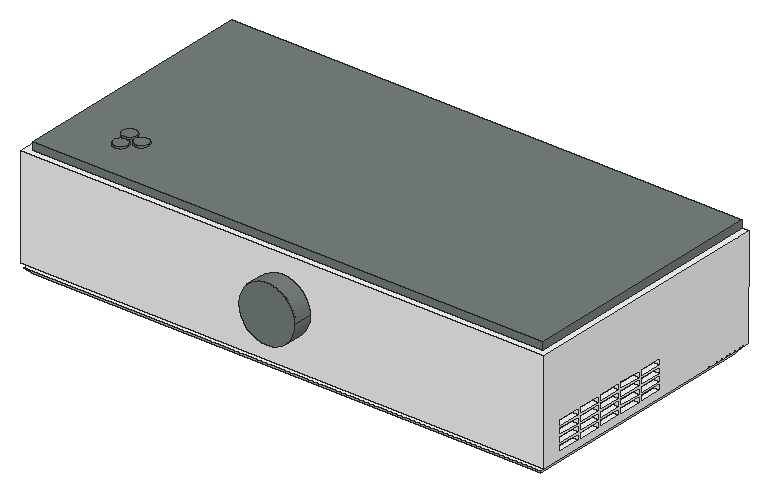
Revit family "AM 150 HDIB", category Mechanical Equipment, Revit 2019
Family settings
  Round Connector Dimension = Use Diameter
  Part Type = Normal
  OmniClass Number = 23.75.00.00
  OmniClass Title = Climate Control (HVAC)
  Work Plane-Based = No
  Always vertical = Yes
  Cut with Voids When Loaded = No
  Shared = No
  Room Calculation Point = No
Parameters
  Weight (Standard Unit) = 47  # constant formula
  Water Heater Surface Return = 15 mm  # constant formula
  Water Heater Surface IN = 15 mm  # constant formula
  URL = "www.airmaster-as.com"
  Total Width = 1170 mm  # constant formula
  Total Hight = 262 mm  # constant formula
  T-C Duct Supply = 158 mm  # constant formula
  T-C Duct Exhaust = 158 mm  # constant formula
  Supply Air in = 125 mm  # constant formula
  Suply Air In = 125 mm  # constant formula
  Return Air = 125 mm  # constant formula
  R-C Duct Supply = 105 mm  # constant formula
  Phase 1 - Max Power Consumption = "1175 W"
  Phase 1 - Max Current = "7,97 A"
  Nominal current, electrical preheating surface = "4,35 A"
  Nominal current, electrical comfort heating surface = "2,17 A"
  Nominal current, air handling unit = "0,3 A"
  Network Conection = "AWG 24 CAT 5e STP"
  Model = "AM 150 HDIB"
  Max. flow rate 35 dB(A) with ePM10 80% filters = 115.00 m³  # constant formula
  Max. flow rate 35 dB(A) with ePM10 55% filters = 126.00 m³  # constant formula
  Max. flow rate 35 dB(A) with ePM10 50% filters = 147.00 m³  # constant formula
  Max. flow rate 30 dB(A) with ePM10 80% filters = 85.00 m³  # constant formula
  Max. flow rate 30 dB(A) with ePM10 55% filters = 90.00 m³  # constant formula
  Max. flow rate 30 dB(A) with ePM10 50% filters = 115.00 m³  # constant formula
  Manufacturer = "Airmaster A/S"
  Maintenance [instance] = no
  L-C Duct Exhaust = 105 mm  # constant formula
  Exhaust Air = 125 mm  # constant formula
  Total Depth = 571 mm  # constant formula
  Electrical connection = "1 ~ 230 V / N / PE / 50 Hz"
  Drawn By = "LSB"
  Condensate = 6 mm  # constant formula
  BMS Panel = "(PTS) 2x2x0,6"
  BMS Out = "(PTS) 2x2x0,6"
  BMS IN = "(PTS) 2x2x0,6"
Reference planes
  plane 1 "Center (Front/Back)": y = 0
  plane 2: z = 0
  plane 3 "Center (Left/Right)": x = 0
  plane 4 "Center L/S": y = -571
  plane 5 "Center L/T": x = -585
  plane 6 "Center L/U": x = 585
  plane 7 "TOP": z = 262
  plane 8 "Center L/V": x = -570
  plane 9 "Center L/W": y = -556
  plane 10 "Center L/X": x = 570
  plane 11 "Panel Buttom": z = 20.747
  plane 12 "Panel Top": z = 246.501
  plane 13 "Hatch": z = 14.5
Forms (mm)
  Extrusion 1, solid, material "AM Grey"
    sketch origin (0, 0, 0) x (1, 0, 0) y (0, 1, 0)
      loop
        line (-570, 0) -> (-570, -556) -> (570, -556) -> (570, 0) -> (-570, 0)
    from 14.5 to 262
  Extrusion 2, solid, material "AM White"
    sketch origin (794.5, -1524, 20.747) x (0, -1, 0) y (-1, 0, 0)
      loop
        line (-1524, 1379.5) -> (-1524, 1364.5) -> (-968, 1364.5) -> (-968, 224.5) -> (-1524, 224.5) -> (-1524, 209.5) -> (-953, 209.5) -> (-953, 1379.5) -> (-1524, 1379.5)
    from 0 to -225.754
  Blend 3, solid, material "AM White"
    base sketch origin (-790.646, -1524, 14.5) x (0, -1, 0) y (1, 0, 0)
      loop
        line (-953, 212.613) -> (-953, 1368.657) -> (-1524, 1368.657) -> (-1524, 212.613) -> (-953, 212.613)
    top sketch origin (-790.646, -1524, 14.5) x (0, -1, 0) y (1, 0, 0)
      loop
        line (-968, 223.963) -> (-968, 1357.646) -> (-1509.161, 1357.646) -> (-1509.161, 223.963) -> (-968, 223.963)
    from 0 to -14.5
  Extrusion 4, solid, material "AM Grey"
    sketch origin (-570, 0, 0) x (1, 0, 0) y (0, 0, -1)
      loop
        circle (1050, -104) r 62.5
    from 0 to 18.45
  Extrusion 5, solid, material "AM Grey"
    sketch origin (-785, 0, 0) x (1, 0, 0) y (0, 0, -1)
      loop
        circle (305, -104) r 62.5
    from 0 to 18.45
  Extrusion 6, solid, material "Maintenece", visible <- "Maintenance"
    sketch origin (-790.646, -1524, 0) x (1, 0, 0) y (0, -1, 0)
      loop
        line (205.646, -1524) -> (1375.646, -1524) -> (1375.646, -953) -> (205.646, -953) -> (205.646, -1524)
    from 0 to 1200
  Extrusion 7, solid, material "AM Grey"
    sketch origin (-876.982, -12.495, 262) x (1, 0, 0) y (0, 1, 0)
      loop
        circle (423.027, -417.273) r 15.55
    from 0 to 3
  Extrusion 8, solid, material "AM Grey"
    sketch origin (-866.134, 5.874, 262) x (1, 0, 0) y (0, 1, 0)
      loop
        circle (447.132, -446.023) r 15.55
    from 0 to 3
  Extrusion 9, solid, material "AM Grey"
    sketch origin (-855.713, -13.073, 262) x (1, 0, 0) y (0, 1, 0)
      loop
        circle (410.201, -452.535) r 15.55
    from 0 to 3
  Extrusion 10, solid, material "AM Grey"
    sketch origin (585, -571, 20.747) x (-1, 0, 0) y (0, 0, -1)
      loop
        circle (585, -122.253) r 62.5
    from 0 to 42
  Extrusion 11, void
    sketch origin (585, 0, 20.747) x (0, 1, 0) y (0, 0, -1)
      loop
        line (-528.7, -79.253) -> (-474.7, -79.253) -> (-474.7, -65.253) -> (-528.7, -65.253) -> (-528.7, -79.253)
      loop
        line (-528.7, -62.253) -> (-474.7, -62.253) -> (-474.7, -48.253) -> (-528.7, -48.253) -> (-528.7, -62.253)
      loop
        line (-528.7, -45.253) -> (-474.7, -45.253) -> (-474.7, -31.253) -> (-528.7, -31.253) -> (-528.7, -45.253)
      loop
        line (-528.7, -28.253) -> (-474.7, -28.253) -> (-474.7, -14.253) -> (-528.7, -14.253) -> (-528.7, -28.253)
      loop
        line (-471.7, -79.253) -> (-417.7, -79.253) -> (-417.7, -65.253) -> (-471.7, -65.253) -> (-471.7, -79.253)
      loop
        line (-471.7, -62.253) -> (-417.7, -62.253) -> (-417.7, -48.253) -> (-471.7, -48.253) -> (-471.7, -62.253)
      loop
        line (-471.7, -45.253) -> (-417.7, -45.253) -> (-417.7, -31.253) -> (-471.7, -31.253) -> (-471.7, -45.253)
      loop
        line (-471.7, -28.253) -> (-417.7, -28.253) -> (-417.7, -14.253) -> (-471.7, -14.253) -> (-471.7, -28.253)
      loop
        line (-414.7, -79.253) -> (-360.7, -79.253) -> (-360.7, -65.253) -> (-414.7, -65.253) -> (-414.7, -79.253)
      loop
        line (-414.7, -62.253) -> (-360.7, -62.253) -> (-360.7, -48.253) -> (-414.7, -48.253) -> (-414.7, -62.253)
      loop
        line (-414.7, -45.253) -> (-360.7, -45.253) -> (-360.7, -31.253) -> (-414.7, -31.253) -> (-414.7, -45.253)
      loop
        line (-414.7, -28.253) -> (-360.7, -28.253) -> (-360.7, -14.253) -> (-414.7, -14.253) -> (-414.7, -28.253)
      loop
        line (-357.7, -79.253) -> (-303.7, -79.253) -> (-303.7, -65.253) -> (-357.7, -65.253) -> (-357.7, -79.253)
      loop
        line (-357.7, -62.253) -> (-303.7, -62.253) -> (-303.7, -48.253) -> (-357.7, -48.253) -> (-357.7, -62.253)
      loop
        line (-357.7, -45.253) -> (-303.7, -45.253) -> (-303.7, -31.253) -> (-357.7, -31.253) -> (-357.7, -45.253)
      loop
        line (-357.7, -28.253) -> (-303.7, -28.253) -> (-303.7, -14.253) -> (-357.7, -14.253) -> (-357.7, -28.253)
      loop
        line (-300.7, -79.253) -> (-246.7, -79.253) -> (-246.7, -65.253) -> (-300.7, -65.253) -> (-300.7, -79.253)
      loop
        line (-300.7, -62.253) -> (-246.7, -62.253) -> (-246.7, -48.253) -> (-300.7, -48.253) -> (-300.7, -62.253)
      loop
        line (-300.7, -45.253) -> (-246.7, -45.253) -> (-246.7, -31.253) -> (-300.7, -31.253) -> (-300.7, -45.253)
      loop
        line (-300.7, -28.253) -> (-246.7, -28.253) -> (-246.7, -14.253) -> (-300.7, -14.253) -> (-300.7, -28.253)
    from 0 to 15
Cuts and joins
  Extrusion 11 cuts Extrusion 2
  Extrusion 11 cuts Extrusion 1
Dimensions and locks
  "Total Depth": plane 4 "Center L/S" to plane 1 "Center (Front/Back)"
  equal spacing: plane 5 "Center L/T", plane 3 "Center (Left/Right)", plane 6 "Center L/U"
  "Total Width": plane 5 "Center L/T" to plane 6 "Center L/U"
  "Total Hight": plane 7 "TOP" to level
  locked: plane 10 "Center L/X" to plane 6 "Center L/U" at 15
  locked: plane 4 "Center L/S" to plane 9 "Center L/W" at 15
  locked: plane 5 "Center L/T" to plane 8 "Center L/V" at 15
  Extrusion 1 to Blend 3 sketch curve = 14.839 mm
  "R-C Duct Supply": plane 6 "Center L/U" to Extrusion 4 sketch curve
  "T-C Duct Exhaust": Extrusion 5 sketch curve to plane 7 "TOP"
  "L-C Duct Exhaust": Extrusion 5 sketch curve to plane 5 "Center L/T"
  "T-C Duct Supply": plane 7 "TOP" to Extrusion 4 sketch curve
  Extrusion 10 sketch curve to plane 5 "Center L/T" = 585 mm
  plane 7 "TOP" to Extrusion 10 sketch curve = 119 mm
  "Suply Air In": diameter of Extrusion 4 sketch curve
  "Exhaust Air": diameter of Extrusion 5 sketch curve
  diameter of Extrusion 10 sketch curve = 125 mm
  aligned and locked: level to plane 2
  aligned and locked: plane 1 "Center (Front/Back)" to Extrusion 1 sketch curve
  aligned and locked: plane 8 "Center L/V" to Extrusion 1 sketch curve
  aligned and locked: Extrusion 1 sketch curve to plane 9 "Center L/W"
  aligned and locked: Extrusion 1 sketch curve to plane 10 "Center L/X"
  aligned and locked: plane 7 "TOP" to Extrusion 1
  aligned and locked: plane 5 "Center L/T" to Extrusion 2 sketch curve
  aligned and locked: plane 4 "Center L/S" to Extrusion 2 sketch curve
  aligned and locked: plane 6 "Center L/U" to Extrusion 2 sketch curve
  aligned and locked: Extrusion 2 sketch curve to Extrusion 1  (x3)
  aligned and locked: plane 1 "Center (Front/Back)" to Extrusion 2 sketch curve
  aligned and locked: Extrusion 2 to plane 12 "Panel Top"
  aligned and locked: Blend 3 to plane 2
  aligned and locked: plane 13 "Hatch" to Extrusion 1
Automatic sketch dimensions
  plane 1 "Center (Front/Back)" to Extrusion 2 sketch curve = 0 mm
  plane 1 "Center (Front/Back)" to Blend 3 sketch curve = 0 mm
  plane 4 "Center L/S" to Blend 3 sketch curve = 0 mm
  plane 5 "Center L/T" to Blend 3 sketch curve = 6.967 mm
  Blend 3 sketch curve to plane 6 "Center L/U" = 6.989 mm
  plane 9 "Center L/W" to Blend 3 sketch curve = 0 mm
  plane 8 "Center L/V" to Blend 3 sketch curve = 3.316 mm
  Blend 3 sketch curve to plane 10 "Center L/X" = 3 mm
  Extrusion 6 sketch curve to Blend 3 = 18.316 mm
  Extrusion 6 sketch curve to Blend 3 = 18 mm
  Extrusion 6 sketch curve to Blend 3 = 15 mm
  Extrusion 6 sketch curve to Blend 3 = 14.839 mm
  Extrusion 7 sketch curve to Extrusion 1 = 1023.955 mm
  Extrusion 7 sketch curve to Extrusion 1 = 126.232 mm
  Extrusion 8 sketch curve to Extrusion 1 = 989.002 mm
  Extrusion 8 sketch curve to Extrusion 1 = 115.851 mm
  Extrusion 9 sketch curve to Extrusion 1 = 1015.512 mm
  Extrusion 9 sketch curve to Extrusion 1 = 90.392 mm
  Extrusion 11 sketch curve to Extrusion 2 = 146.501 mm
  Extrusion 11 sketch curve to Extrusion 2 = 528.7 mm
  Extrusion 11 sketch curve to Extrusion 11 sketch curve = 0 mm  (x38)
  Extrusion 11 sketch curve to Extrusion 11 sketch curve = 54 mm  (x5)
  Extrusion 11 sketch curve to Extrusion 11 sketch curve = 3 mm  (x23)
  Extrusion 11 sketch curve to Extrusion 11 sketch curve = 14 mm  (x12)
  radius of Extrusion 7 sketch curve = 15.55 mm
  radius of Extrusion 8 sketch curve = 15.55 mm
  radius of Extrusion 9 sketch curve = 15.55 mm
Nested families
  nested 1: "Model Label 2019" at (0, -361.924, 0), Label <- "Model", type "Model Label 2019"
    with Label "AM 150 HDIB"
  nested 2: "Pil Indtag" at (1085, -317.7, 0) x (-1, 0, 0) z (0, 0, 1), type "Pil Indtag"
    with dX_ 609 mm, dX 609 mm, ang2D 0.00°
Connectors
  electrical at (-453.955, -429.768, 262)
    settings: on Extrusion 7, index 13, voltage 230 V, apparent load 0 VA, apparent load phase1 0 VA, apparent load phase2 0 VA, apparent load phase3 0 VA, power factor 0.55, load classification "Other", number of poles 1, system type 30, power factor state 1, is connector primary yes, connector utility no, sub classification motor no, connector description ""
  electrical at (-419.002, -440.149, 262), driven by "BMS Out"
    settings: on Extrusion 8, index 14, voltage 0 V, apparent load 0 VA, apparent load phase1 0 VA, apparent load phase2 0 VA, apparent load phase3 0 VA, power factor 1, load classification "Other", number of poles 1, system type 5, power factor state 1, is connector primary no, connector utility no, sub classification motor no, connector description "(PTS) 2x2x0,6"
  electrical at (-445.512, -465.608, 262), driven by "BMS IN"
    settings: on Extrusion 9, index 15, voltage 0 V, apparent load 0 VA, apparent load phase1 0 VA, apparent load phase2 0 VA, apparent load phase3 0 VA, power factor 1, load classification "Other", number of poles 1, system type 5, power factor state 1, is connector primary no, connector utility no, sub classification motor no, connector description "(PTS) 2x2x0,6"
  hvac at (0, -571, 143), driven by "Suply Air In"
    settings: on Extrusion 10, index 16, duct flow 0.0 L/s, flow factor 0, pres drop 0.0 Pa, loss coef 0, conn angle 0.00°, conn width 304.8 mm, conn height 304.8 mm, conn diameter 125 mm, duct sys type 1, conn prof type 0, flow config 2, flow direction 2, loss method 0, conn ref index -1, conn util no, is conn primary yes, conn desc ""
  hvac at (-480, 0, 104), driven by "Exhaust Air"
    settings: on Extrusion 5, index 17, duct flow 0.0 L/s, flow factor 0, pres drop 0.0 Pa, loss coef 0, conn angle 0.00°, conn width 304.8 mm, conn height 304.8 mm, conn diameter 125 mm, duct sys type 3, conn prof type 0, flow config 2, flow direction 2, loss method 0, conn ref index -1, conn util no, is conn primary no, conn desc ""
  hvac at (480, 0, 104), driven by "Suply Air In"
    settings: on Extrusion 4, index 18, duct flow 0.0 L/s, flow factor 0, pres drop 0.0 Pa, loss coef 0, conn angle 0.00°, conn width 304.8 mm, conn height 304.8 mm, conn diameter 125 mm, duct sys type 1, conn prof type 0, flow config 2, flow direction 1, loss method 0, conn ref index -1, conn util no, is conn primary no, conn desc ""
Definition of nested family "Model Label 2019"
  Parameters (values of type "Model Label 2019")
    Label [instance] = ""
  Reference planes
    plane 1: y = 0
    plane 2: x = 0
  Text (mm)
    label "Label" at (-0.131, 0.049, 0), shows "Label"
Definition of nested family "Pil Indtag"
  Parameters (values of type "Pil Indtag")
    dX_ [instance] = if(dX = 0 mm, 1 mm, dX)  # 609 mm
    dX [instance] = 609 mm
    ang2D [instance] = 0.00°
    Type Comments = "DO NOT CHANGE dX value from 608 mm ( 2 ft )"
    Afstand pil = 50 mm
  Reference planes
    plane 1 "Center (Front/Back)": y = 0
    plane 2: z = 0
    plane 3 "Center (Left/Right)": x = 0
    plane 4: x = 500
  Lines and regions (mm)
    Filled region 1, type "Concrete", in view "Ref. Level"
      outline origin (0, 0, 0) x (1, 0, 0) y (0, 1, 0)
        loop
          line (499.552, 0) -> (401.072, 17.365) -> (401.072, -17.365) -> (499.552, 0)
    reference lines, in view "Ref. Level"
      curve 1: line (50, 134.129, 0) -> (50, -145.871, 0)
    detail lines, in view "Ref. Level", not visible
      curve 2: arc (335, 0, 0) -> (385.559, -50.321, 0) -> (434.999, 1.101, 0) r 50.01
      curve 3: arc (335, 0, 0) -> (285.666, 52.633, 0) -> (235.069, 1.212, 0) r 50.01
      curve 4: line (434.999, 1.101, 0) -> (434.999, 21.156, 0)
      curve 5: line (235.069, 1.212, 0) -> (235.069, -18.844, 0)
    detail lines, in view "Ref. Level"
      curve 6: arc (225.332, 0, 0) -> (272.332, -35.211, 0) -> (294.114, 19.326, 0) r 36.995
      curve 7: arc (225.206, 0, 0) -> (173.868, 30.307, 0) -> (156.85, -26.829, 0) r 37.835
      curve 8: line (499.552, 0, 0) -> (401.072, 17.365, 0)
      curve 9: line (401.072, 17.365, 0) -> (401.072, -17.365, 0)
      curve 10: line (401.072, -17.365, 0) -> (499.552, 0, 0)
      curve 11: line (499.552, 0, 0) -> (-15.448, 0, 0)
  Dimensions and locks
    "Afstand pil": plane 3 "Center (Left/Right)" to curve 1
    plane 3 "Center (Left/Right)" to plane 4 = 500 mm
  Automatic sketch dimensions
    plane 1 "Center (Front/Back)" to Filled region 1 sketch curve = 0 mm
    Filled region 1 sketch curve to plane 4 = 0.448 mm
    plane 1 "Center (Front/Back)" to Filled region 1 sketch curve = 17.365 mm
    Filled region 1 sketch curve to plane 4 = 98.928 mm
    Filled region 1 sketch curve to plane 1 "Center (Front/Back)" = 17.365 mm
    plane 1 "Center (Front/Back)" to curve 11 = 0 mm
    plane 1 "Center (Front/Back)" to curve 7 = 4.913 mm
    plane 3 "Center (Left/Right)" to curve 7 = 187.691 mm
    curve 6 to plane 1 "Center (Front/Back)" = 0.405 mm
    curve 7 to curve 6 = 74.634 mm
    curve 9 to plane 1 "Center (Front/Back)" = 17.365 mm
    curve 9 to plane 4 = 98.928 mm
    curve 11 to plane 4 = 0.448 mm
    plane 1 "Center (Front/Back)" to curve 10 = 17.365 mm
    curve 7 to curve 7 = 30.842 mm
    curve 11 to plane 3 "Center (Left/Right)" = 15.448 mm
    curve 7 to curve 6 = 37.119 mm
    curve 7 to curve 6 = 0.126 mm
    curve 6 to plane 1 "Center (Front/Back)" = 19.326 mm
    plane 1 "Center (Front/Back)" to curve 1 = 145.871 mm
    curve 1 to plane 1 "Center (Front/Back)" = 134.129 mm
